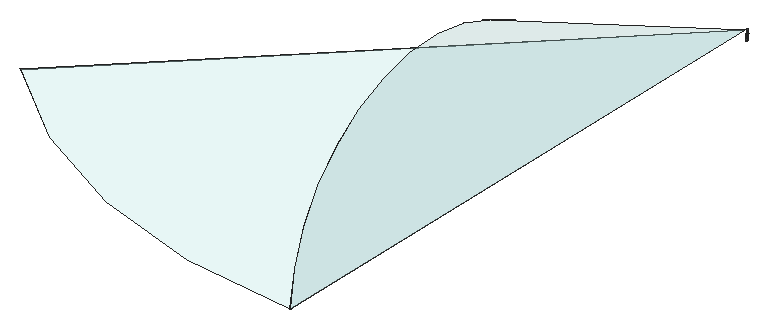
Revit family "Rotor 5000 Series - 5000+SPCSAMNP", category Acessórios do tubo, Revit 2020
Family settings
  Cota do conector redondo = Utilizar diâmetro
  Tipo de parte = Normal
  Número OmniClass = 23.60.30.11.14
  Título OmniClass = Pipework Fittings
  Com base no plano de trabalho = Não
  Sempre na vertical = Sim
  Corte com vazios quando carregada = Não
  Compartilhado = Não
Parameters (values of type "Rain Curtain 6.0")
  Water = Water
  URL = "https://www.rainbird.com/"
  TABLE 65 = "TABLE 65psi"
  TABLE 55 75 = "TABLE 55 75psi"
  TABLE 55 = "TABLE 55psi"
  TABLE 45 = "TABLE 45psi"
  TABLE 35 = "TABLE 35psi"
  TABLE 25 = "TABLE 25psi"
  SupportProjetos: Reviw Date = ""  # constant formula
  SupportProjetos: Reviw = "R00"  # constant formula
  SupportProjetos: Level of Detail = "LOD 300"  # constant formula
  SupportProjetos: Developed = "MICHEL SOARES MOTA"  # constant formula
  SupportProjetos: Creation Date = "07/08/2020"  # constant formula
  Side inlet = no
  Rotation Water Visibility [instance] = Pop up on  # yes
  Rotation Angle [instance] = 45.00°
  RainBird: Product Link = "https://www.rainbird.com/"
  RainBird: Description = "5000+SPCSAMNP Rotor "  # constant formula
  RainBird: Comment [instance] = ""
  RainBird: Code = "Y45570NP"  # constant formula
  Radius [instance] = if(and(Pressure = 25.0 psi, Instance < 25 ft), size_lookup(TABLE 25, "Radius", 0 ft, Instance), if(and(Pressure = 35.0 psi, Instance < 25 ft), size_lookup(TABLE 35, "Radius", 0 ft, Instance), if(and(Pressure = 45.0 psi, Instance < 25 ft), size_lookup(TABLE 45, "Radius", 0 ft, Instance), if(and(Pressure = 55.0 psi, Instance < 13 ft), size_lookup(TABLE 55, "Radius", 0 ft, Instance), if(and(Pressure = 65.0 psi, Instance < 13 ft), size_lookup(TABLE 65, "Radius", 0 ft, Instance), if(and(Pressure > 55.0 psi, Instance > 13 ft), size_lookup(TABLE 55 75, "Radius", 0 ft, Instance), 0 ft))))))  # 50 ft
  RT = 0.009893 ft
  RN = 0.032808 ft
  R5 = 0.03937 ft
  R4 = 0.04101 ft
  R3 = 0.065617 ft
  R2 = 0.075407 ft
  R1 = 0.032808 ft
  Pressure [instance] = 55.0 psi
  Pop up height = 0.334646 ft
  Pop up on [instance] = yes
  Modelo = "5000+SPCSAMNP"  # constant formula
  Instance = 7 ft
  H1 = Body height / 3  # 0.194663 ft
  Flow [instance] = if(and(Pressure = 25.0 psi, Instance < 25 ft), size_lookup(TABLE 25, "Flow", 0.0 GPM, Instance), if(and(Pressure = 35.0 psi, Instance < 25 ft), size_lookup(TABLE 35, "Flow", 0.0 GPM, Instance), if(and(Pressure = 45.0 psi, Instance < 25 ft), size_lookup(TABLE 45, "Flow", 0.0 GPM, Instance), if(and(Pressure = 55.0 psi, Instance < 13 ft), size_lookup(TABLE 55, "Flow", 0.0 GPM, Instance), if(and(Pressure = 65.0 psi, Instance < 13 ft), size_lookup(TABLE 65, "Flow", 0.0 GPM, Instance), if(and(Pressure > 55.0 psi, Instance > 13 ft), size_lookup(TABLE 55 75, "Flow", 0.0 GPM, Instance), 0.0 GPM))))))  # 6.63 GPM
  Fabricante = "Rain Bird"
  Elevação padrão = 0 ft
  Description = RainBird: Description  # "5000+SPCSAMNP Rotor "
  DD13 = 0.002625 ft
  DD12 = 0.003937 ft
  DD11 = 0.009897 ft
  DD10 = 0.016404 ft
  DD8 [instance] = if(Pop up on, Pop up height, 0 ft)  # 0.334646 ft
  DD7 = 0.019685 ft
  DD6 [instance] = 0.016404 ft
  DD5 = 0.065617 ft
  DD4 = 0.032808 ft
  DD3 = 0.091048 ft
  DD2 [instance] = 0.024514 ft
  DD9 [instance] = if(Pop up on, Pop up height + 0.049541 ft, 0 ft)  # 0.384186 ft
  DD1 = 0.006562 ft
  Conection = 0.062664 ft  # constant formula
  Body height = 0.58399 ft
  Blue = Blue Plastic
  Black Plastic = Black Plastic
  Angle = 25.00°
Types (25, lengths in ft): name | Rotation Angle | Radius | Pressure | Instance | Flow
  (no name) | 45.00° | 50 | 55.0 psi | 7 | 6.63 GPM
  Rain Curtain 1.5 | 180.00° | 33 | 25.0 psi | 1 | 1.12 GPM
  Rain Curtain 2.0 | 180.00° | 35 | 25.0 psi | 2 | 1.5 GPM
  Rain Curtain 3.0 | 180.00° | 36 | 25.0 psi | 4 | 2.26 GPM
  Rain Curtain 4.0 | 180.00° | 36 | 25.0 psi | 5 | 2.91 GPM
  Rain Curtain 5.0 | 180.00° | 37 | 25.0 psi | 6 | 3.72 GPM
  Rain Curtain 6.0 | 45.00° | 50 | 55.0 psi | 7 | 6.63 GPM
  Rain Curtain 8.0 | 180.00° | 33 | 25.0 psi | 8 | 5.9 GPM
  Rain Curtain 2.5 | 180.00° | 35 | 25.0 psi | 3 | 1.81 GPM
  1.0 LA | 180.00° | 25 | 25.0 psi | 9 | 0.76 GPM
  1.5 LA | 180.00° | 27 | 25.0 psi | 10 | 1.15 GPM
  2.0 LA | 180.00° | 29 | 25.0 psi | 11 | 1.47 GPM
  3.0 LA | 180.00° | 29 | 25.0 psi | 12 | 2.23 GPM
  PRS Rain Curtain 1.5 | 180.00° | 33 | 25.0 psi | 13 | 1.12 GPM
  PRS Rain Curtain 2.0 | 180.00° | 35 | 25.0 psi | 14 | 1.5 GPM
  PRS Rain Curtain 2.5 | 180.00° | 35 | 25.0 psi | 15 | 1.81 GPM
  PRS Rain Curtain 3.0 | 180.00° | 36 | 25.0 psi | 16 | 2.26 GPM
  PRS Rain Curtain 4.0 | 180.00° | 36 | 25.0 psi | 17 | 2.91 GPM
  PRS Rain Curtain 5.0 | 180.00° | 37 | 25.0 psi | 18 | 3.72 GPM
  PRS Rain Curtain 6.0 | 180.00° | 37 | 25.0 psi | 19 | 4.25 GPM
  PRS Rain Curtain 8.0 | 180.00° | 33 | 25.0 psi | 20 | 5.9 GPM
  PRS 1.0 LA | 180.00° | 25 | 25.0 psi | 21 | 0.76 GPM
  PRS 1.5 LA | 180.00° | 27 | 25.0 psi | 22 | 1.15 GPM
  PRS 2.0 LA | 180.00° | 29 | 25.0 psi | 23 | 1.47 GPM
  PRS 3.0 LA | 180.00° | 29 | 25.0 psi | 24 | 2.23 GPM
Reference planes (ft)
  plane 1 "Centro (Frente/Trás)": y = 0
  plane 2: z = 0
  plane 3 "Centro (Esquerda/Direita)": x = 0
  plane 4: z = 0.003937
  plane 5: z = 0.002625
  plane 6: y = -0.065617
Forms (ft)
  Revolve 1, solid, material "Black Plastic" <- "Black Plastic"
    sketch origin (0, 0, 0) x (1, 0, 0) y (0, 0, 1)
      loop
        line (0.075407, -0.091048) -> (0.075407, -0.035324)
        arc (0.075407, -0.035324) -> (0.072509, -0.028329) -> (0.065514, -0.025431) r 0.009893
        line (0.065514, -0.025431) -> (0.046098, -0.025431) -> (0.046098, 0) -> (0.03937, 0) -> (0.03937, -0.334646) -> (0.019685, -0.334646) -> (0.019685, -0.577428) -> (0.032808, -0.577428) -> (0.032808, -0.58399) -> (0.04101, -0.58399) -> (0.04101, -0.577428) -> (0.055724, -0.577428)
        arc (0.055724, -0.577428) -> (0.062719, -0.57453) -> (0.065617, -0.567535) r 0.009893
        line (0.065617, -0.567535) -> (0.065617, -0.091048) -> (0.075407, -0.091048)
      axis (0, -0.58399) -> (0, 0)
    angle from 0 to 360
  Extrusion 2, solid, material "Black Plastic" <- "Black Plastic"
    sketch origin (0, 0, 0) x (1, 0, 0) y (0, 1, 0)
      loop
        circle (0, 0) r 0.032808
    from -0.334646 to 0.334646
  Extrusion 3, void
    sketch origin (0, 0, 0) x (1, 0, 0) y (0, 1, 0)
      loop
        circle (0, 0) r 0.022844
    from -0.334646 to 0.334646
  Revolve 4, solid, material "Black Plastic" <- "Black Plastic"
    sketch origin (0, 0, 0) x (1, 0, 0) y (0, 0, 1)
      loop
        line (0, 0.334646) -> (0.037004, 0.334646) -> (0.037004, 0.344543)
        arc (0.037004, 0.344543) -> (0.01879, 0.349436) -> (0, 0.35105) r 0.10685
        line (0, 0.35105) -> (0, 0.334646)
      axis (0, 0.334646) -> (0, 0.35105)
    angle from 0 to 360
  Extrusion 5, solid, material "Blue Plastic" <- "Blue"
    sketch origin (0, 0, 0) x (1, 0, 0) y (0, 0, 1)
      loop
        circle (0, 0.310131) r 0.009129
      loop
        circle (0, 0.310131) r 0.004793
    from 0 to 0.034386
  Extrusion 6, void
    sketch origin (0, 0, 0) x (1, 0, 0) y (0, 0, 1)
      loop
        line (-0.02074, 0.328055) -> (-0.02074, 0.282426) -> (0.020672, 0.282426) -> (0.020672, 0.328055) -> (-0.02074, 0.328055)
      loop
        line (-0.018439, 0.325179) -> (-0.018439, 0.285685) -> (0.018179, 0.285685) -> (0.018179, 0.325179) -> (-0.018439, 0.325179)
    from 0.024556 to 0.06931
  Extrusion 7, solid, material "Black Plastic" <- "Black Plastic"
    sketch origin (0, 0, 0) x (1, 0, 0) y (0, 0, 1)
      loop
        line (0.046098, 0) -> (0.046098, -0.036876) -> (0.073493, -0.036876) -> (0.046098, 0)
    from -0.002998 to 0.002998
  Extrusion 8, solid, material "Black Plastic" <- "Black Plastic"
    sketch origin (0, 0, 0) x (-1, 0, 0) y (0, 0, -1)
      loop
        line (0.046098, 0) -> (0.073493, 0.036876) -> (0.046098, 0.036876) -> (0.046098, 0)
    from -0.002998 to 0.002998
  Extrusion 9, solid, material "Black Plastic" <- "Black Plastic"
    sketch origin (0, 0, 0) x (0.866025, 0.5, 0) y (0, 0, 1)
      loop
        line (0.046098, 0) -> (0.046098, -0.036876) -> (0.073493, -0.036876) -> (0.046098, 0)
    from -0.002998 to 0.002998
  Extrusion 10, solid, material "Black Plastic" <- "Black Plastic"
    sketch origin (0, 0, 0) x (-0.866025, -0.5, 0) y (0, 0, -1)
      loop
        line (0.046098, 0) -> (0.073493, 0.036876) -> (0.046098, 0.036876) -> (0.046098, 0)
    from -0.002998 to 0.002998
  Extrusion 11, solid, material "Black Plastic" <- "Black Plastic"
    sketch origin (0, 0, 0) x (0, 1, 0) y (0, 0, 1)
      loop
        line (0.046098, 0) -> (0.046098, -0.036876) -> (0.073493, -0.036876) -> (0.046098, 0)
    from -0.002998 to 0.002998
  Extrusion 12, solid, material "Black Plastic" <- "Black Plastic"
    sketch origin (0, 0, 0) x (0, -1, 0) y (0, 0, -1)
      loop
        line (0.046098, 0) -> (0.073493, 0.036876) -> (0.046098, 0.036876) -> (0.046098, 0)
    from -0.002998 to 0.002998
  Extrusion 13, solid, material "Black Plastic" <- "Black Plastic"
    sketch origin (0, 0, 0) x (0.5, 0.866025, 0) y (0, 0, 1)
      loop
        line (0.046098, 0) -> (0.046098, -0.036876) -> (0.073493, -0.036876) -> (0.046098, 0)
    from -0.002998 to 0.002998
  Extrusion 14, solid, material "Black Plastic" <- "Black Plastic"
    sketch origin (0, 0, 0) x (-0.5, -0.866025, 0) y (0, 0, -1)
      loop
        line (0.046098, 0) -> (0.073493, 0.036876) -> (0.046098, 0.036876) -> (0.046098, 0)
    from -0.002998 to 0.002998
  Extrusion 15, solid, material "Black Plastic" <- "Black Plastic"
    sketch origin (0, 0, 0) x (-0.5, 0.866025, 0) y (0, 0, 1)
      loop
        line (0.046098, 0) -> (0.046098, -0.036876) -> (0.073493, -0.036876) -> (0.046098, 0)
    from -0.002998 to 0.002998
  Extrusion 16, solid, material "Black Plastic" <- "Black Plastic"
    sketch origin (0, 0, 0) x (0.5, -0.866025, 0) y (0, 0, -1)
      loop
        line (0.046098, 0) -> (0.073493, 0.036876) -> (0.046098, 0.036876) -> (0.046098, 0)
    from -0.002998 to 0.002998
  Extrusion 17, solid, material "Black Plastic" <- "Black Plastic"
    sketch origin (0, 0, 0) x (-0.866025, 0.5, 0) y (0, 0, 1)
      loop
        line (0.046098, 0) -> (0.046098, -0.036876) -> (0.073493, -0.036876) -> (0.046098, 0)
    from -0.002998 to 0.002998
  Extrusion 18, solid, material "Black Plastic" <- "Black Plastic"
    sketch origin (0, 0, 0) x (0.866025, -0.5, 0) y (0, 0, -1)
      loop
        line (0.046098, 0) -> (0.073493, 0.036876) -> (0.046098, 0.036876) -> (0.046098, 0)
    from -0.002998 to 0.002998
  Extrusion 19, void
    sketch origin (0, 0, 0) x (1, 0, 0) y (0, 1, 0)
      loop
        line (-0.002998, 0.077702) -> (-0.002998, 0.071655) -> (0.002998, 0.071655) -> (0.002998, 0.077702) -> (-0.002998, 0.077702)
    from -0.091048 to 0.82021
  Extrusion 20, void
    sketch origin (0, 0, 0) x (1, 0, 0) y (0, 1, 0)
      loop
        line (0.002998, -0.077702) -> (0.002998, -0.071655) -> (-0.002998, -0.071655) -> (-0.002998, -0.077702) -> (0.002998, -0.077702)
    from -0.091048 to 0.82021
  Extrusion 21, void
    sketch origin (0, 0, 0) x (0.965926, 0.258819, 0) y (-0.258819, 0.965926, 0)
      loop
        line (-0.002998, 0.077702) -> (-0.002998, 0.071655) -> (0.002998, 0.071655) -> (0.002998, 0.077702) -> (-0.002998, 0.077702)
    from -0.091048 to 0.82021
  Extrusion 22, void
    sketch origin (0, 0, 0) x (0.965926, 0.258819, 0) y (-0.258819, 0.965926, 0)
      loop
        line (0.002998, -0.077702) -> (0.002998, -0.071655) -> (-0.002998, -0.071655) -> (-0.002998, -0.077702) -> (0.002998, -0.077702)
    from -0.091048 to 0.82021
  Extrusion 23, void
    sketch origin (0, 0, 0) x (0.866025, 0.5, 0) y (-0.5, 0.866025, 0)
      loop
        line (-0.002998, 0.077702) -> (-0.002998, 0.071655) -> (0.002998, 0.071655) -> (0.002998, 0.077702) -> (-0.002998, 0.077702)
    from -0.091048 to 0.82021
  Extrusion 24, void
    sketch origin (0, 0, 0) x (0.866025, 0.5, 0) y (-0.5, 0.866025, 0)
      loop
        line (0.002998, -0.077702) -> (0.002998, -0.071655) -> (-0.002998, -0.071655) -> (-0.002998, -0.077702) -> (0.002998, -0.077702)
    from -0.091048 to 0.82021
  Extrusion 25, void
    sketch origin (0, 0, 0) x (0.5, 0.866025, 0) y (-0.866025, 0.5, 0)
      loop
        line (-0.002998, 0.077702) -> (-0.002998, 0.071655) -> (0.002998, 0.071655) -> (0.002998, 0.077702) -> (-0.002998, 0.077702)
    from -0.091048 to 0.82021
  Extrusion 26, void
    sketch origin (0, 0, 0) x (0.5, 0.866025, 0) y (-0.866025, 0.5, 0)
      loop
        line (0.002998, -0.077702) -> (0.002998, -0.071655) -> (-0.002998, -0.071655) -> (-0.002998, -0.077702) -> (0.002998, -0.077702)
    from -0.091048 to 0.82021
  Extrusion 27, void
    sketch origin (0, 0, 0) x (0.707107, 0.707107, 0) y (-0.707107, 0.707107, 0)
      loop
        line (-0.002998, 0.077702) -> (-0.002998, 0.071655) -> (0.002998, 0.071655) -> (0.002998, 0.077702) -> (-0.002998, 0.077702)
    from -0.091048 to 0.82021
  Extrusion 28, void
    sketch origin (0, 0, 0) x (0.707107, 0.707107, 0) y (-0.707107, 0.707107, 0)
      loop
        line (0.002998, -0.077702) -> (0.002998, -0.071655) -> (-0.002998, -0.071655) -> (-0.002998, -0.077702) -> (0.002998, -0.077702)
    from -0.091048 to 0.82021
  Extrusion 29, void
    sketch origin (0, 0, 0) x (0.258819, 0.965926, 0) y (-0.965926, 0.258819, 0)
      loop
        line (-0.002998, 0.077702) -> (-0.002998, 0.071655) -> (0.002998, 0.071655) -> (0.002998, 0.077702) -> (-0.002998, 0.077702)
    from -0.091048 to 0.82021
  Extrusion 30, void
    sketch origin (0, 0, 0) x (0.258819, 0.965926, 0) y (-0.965926, 0.258819, 0)
      loop
        line (0.002998, -0.077702) -> (0.002998, -0.071655) -> (-0.002998, -0.071655) -> (-0.002998, -0.077702) -> (0.002998, -0.077702)
    from -0.091048 to 0.82021
  Extrusion 31, void
    sketch origin (0, 0, 0) x (0, 1, 0) y (-1, 0, 0)
      loop
        line (-0.002998, 0.077702) -> (-0.002998, 0.071655) -> (0.002998, 0.071655) -> (0.002998, 0.077702) -> (-0.002998, 0.077702)
    from -0.091048 to 0.82021
  Extrusion 32, void
    sketch origin (0, 0, 0) x (0, 1, 0) y (-1, 0, 0)
      loop
        line (0.002998, -0.077702) -> (0.002998, -0.071655) -> (-0.002998, -0.071655) -> (-0.002998, -0.077702) -> (0.002998, -0.077702)
    from -0.091048 to 0.82021
  Extrusion 33, void
    sketch origin (0, 0, 0) x (-0.258819, 0.965926, 0) y (-0.965926, -0.258819, 0)
      loop
        line (-0.002998, 0.077702) -> (-0.002998, 0.071655) -> (0.002998, 0.071655) -> (0.002998, 0.077702) -> (-0.002998, 0.077702)
    from -0.091048 to 0.82021
  Extrusion 34, void
    sketch origin (0, 0, 0) x (-0.258819, 0.965926, 0) y (-0.965926, -0.258819, 0)
      loop
        line (0.002998, -0.077702) -> (0.002998, -0.071655) -> (-0.002998, -0.071655) -> (-0.002998, -0.077702) -> (0.002998, -0.077702)
    from -0.091048 to 0.82021
  Extrusion 35, void
    sketch origin (0, 0, 0) x (-0.5, 0.866025, 0) y (-0.866025, -0.5, 0)
      loop
        line (-0.002998, 0.077702) -> (-0.002998, 0.071655) -> (0.002998, 0.071655) -> (0.002998, 0.077702) -> (-0.002998, 0.077702)
    from -0.091048 to 0.82021
  Extrusion 36, void
    sketch origin (0, 0, 0) x (-0.5, 0.866025, 0) y (-0.866025, -0.5, 0)
      loop
        line (0.002998, -0.077702) -> (0.002998, -0.071655) -> (-0.002998, -0.071655) -> (-0.002998, -0.077702) -> (0.002998, -0.077702)
    from -0.091048 to 0.82021
  Extrusion 37, void
    sketch origin (0, 0, 0) x (-0.707107, 0.707107, 0) y (-0.707107, -0.707107, 0)
      loop
        line (-0.002998, 0.077702) -> (-0.002998, 0.071655) -> (0.002998, 0.071655) -> (0.002998, 0.077702) -> (-0.002998, 0.077702)
    from -0.091048 to 0.82021
  Extrusion 38, void
    sketch origin (0, 0, 0) x (-0.707107, 0.707107, 0) y (-0.707107, -0.707107, 0)
      loop
        line (0.002998, -0.077702) -> (0.002998, -0.071655) -> (-0.002998, -0.071655) -> (-0.002998, -0.077702) -> (0.002998, -0.077702)
    from -0.091048 to 0.82021
  Extrusion 39, void
    sketch origin (0, 0, 0) x (-0.866025, 0.5, 0) y (-0.5, -0.866025, 0)
      loop
        line (-0.002998, 0.077702) -> (-0.002998, 0.071655) -> (0.002998, 0.071655) -> (0.002998, 0.077702) -> (-0.002998, 0.077702)
    from -0.091048 to 0.82021
  Extrusion 40, void
    sketch origin (0, 0, 0) x (-0.866025, 0.5, 0) y (-0.5, -0.866025, 0)
      loop
        line (0.002998, -0.077702) -> (0.002998, -0.071655) -> (-0.002998, -0.071655) -> (-0.002998, -0.077702) -> (0.002998, -0.077702)
    from -0.091048 to 0.82021
  Extrusion 41, void
    sketch origin (0, 0, 0) x (-0.965926, 0.258819, 0) y (-0.258819, -0.965926, 0)
      loop
        line (-0.002998, 0.077702) -> (-0.002998, 0.071655) -> (0.002998, 0.071655) -> (0.002998, 0.077702) -> (-0.002998, 0.077702)
    from -0.091048 to 0.82021
  Extrusion 42, void
    sketch origin (0, 0, 0) x (-0.965926, 0.258819, 0) y (-0.258819, -0.965926, 0)
      loop
        line (0.002998, -0.077702) -> (0.002998, -0.071655) -> (-0.002998, -0.071655) -> (-0.002998, -0.077702) -> (0.002998, -0.077702)
    from -0.091048 to 0.82021
  Extrusion 43, solid, material "Water" <- "Water", visible <- "Rotation Water Visibility"
    sketch origin (0, 0, 0) x (0, 1, 0) y (0, 0, 1)
      loop
        line (-0.032808, 0.310131) -> (-28.112196, 13.403765)
        arc (-28.112196, 13.403765) -> (-42.542576, 12.666347) -> (-50.032808, 0.310131) r 15.426605
        line (-50.032808, 0.310131) -> (-0.032808, 0.310131)
    from -0.008202 to 0.008202
Cuts and joins
  Extrusion 3, Extrusion 6 cuts Extrusion 2
  Extrusion 19, Extrusion 20, Extrusion 21, Extrusion 22, Extrusion 23, Extrusion 24, Extrusion 25, Extrusion 26, Extrusion 27, Extrusion 28, Extrusion 29, Extrusion 30, Extrusion 31, Extrusion 32, Extrusion 33, Extrusion 34, Extrusion 35, Extrusion 36, Extrusion 37, Extrusion 38, Extrusion 39, Extrusion 40, Extrusion 41, Extrusion 42 cuts Revolve 1
Dimensions and locks (ft)
  "Body height": level to Revolve 1 sketch curve
  "R2": Revolve 1 sketch curve to plane 3 "Centro (Esquerda/Direita)"
  "DD1": Revolve 1 sketch curve to Revolve 1 sketch curve
  "DD3": level to Revolve 1 sketch curve
  Revolve 1 sketch curve to plane 3 "Centro (Esquerda/Direita)" = 0.065617 ft
  "R4": Revolve 1 sketch curve to plane 3 "Centro (Esquerda/Direita)"
  "RN": Revolve 1 sketch curve to plane 3 "Centro (Esquerda/Direita)"
  "Pop up height": level to Revolve 1 sketch curve
  "R5": plane 3 "Centro (Esquerda/Direita)" to Revolve 1 sketch curve
  "DD7": Revolve 1 sketch curve to plane 3 "Centro (Esquerda/Direita)"
  "DD8": Extrusion 2 to level
  "DD12": plane 4 to level
  "DD13": plane 5 to level
  "R3": plane 6 to plane 1 "Centro (Frente/Trás)"
  "DD5": Revolve 1 sketch curve to Revolve 1 sketch curve
  "DD10": Revolve 4 sketch curve to Revolve 4 sketch curve
  "DD11": Revolve 4 sketch curve to Revolve 4 sketch curve
  "DD2": Revolve 4 to Extrusion 5 sketch curve  (x2)
  Extrusion 7 to plane 3 "Centro (Esquerda/Direita)" = 0.046098 ft
  equal spacing: Extrusion 7, plane 1 "Centro (Frente/Trás)", Extrusion 7
  Extrusion 8 to Extrusion 8 = 0.005995 ft
  Extrusion 9 to Extrusion 9 = 0.005995 ft
  Extrusion 20 sketch curve to Extrusion 20 sketch curve = 0.005995 ft
  Extrusion 22 sketch curve to Extrusion 22 sketch curve = 0.005995 ft
  Extrusion 24 sketch curve to Extrusion 24 sketch curve = 0.005995 ft
  Extrusion 26 sketch curve to Extrusion 26 sketch curve = 0.005995 ft
  Extrusion 28 sketch curve to Extrusion 28 sketch curve = 0.005995 ft
  Extrusion 30 sketch curve to Extrusion 30 sketch curve = 0.005995 ft
  Extrusion 32 sketch curve to Extrusion 32 sketch curve = 0.005995 ft
  Extrusion 34 sketch curve to Extrusion 34 sketch curve = 0.005995 ft
  Extrusion 36 sketch curve to Extrusion 36 sketch curve = 0.005995 ft
  Extrusion 38 sketch curve to Extrusion 38 sketch curve = 0.005995 ft
  Extrusion 40 sketch curve to Extrusion 40 sketch curve = 0.005995 ft
  Extrusion 42 sketch curve to Extrusion 42 sketch curve = 0.005995 ft
  "DD4": plane 1 "Centro (Frente/Trás)" to Extrusion 43 sketch curve
  "DD2": Revolve 4 to Extrusion 43 sketch curve
  "Radius": Extrusion 43 sketch curve to Extrusion 43 sketch curve
  equal spacing: Extrusion 43, plane 3 "Centro (Esquerda/Direita)", Extrusion 43
  "DD6": Extrusion 43 to Extrusion 43
  "DD2": Revolve 4 to nested 1
  "RT": radius of Revolve 1 sketch curve  (x2)
  "R1": radius of Extrusion 2 sketch curve
  "Angle": angle Extrusion 43 sketch curve to Extrusion 43 sketch curve
  aligned and locked: level to plane 2
  aligned and locked: Revolve 1 sketch curve to Revolve 1 sketch curve
  aligned and locked: Extrusion 2 to Revolve 1
  aligned and locked: cut or joined group of Extrusion 2, Extrusion 3, Extrusion 6 to cut or joined group of Extrusion 2, Extrusion 3, Extrusion 6  (x2)
  aligned and locked: Revolve 4 sketch curve to cut or joined group of Extrusion 2, Extrusion 3, Extrusion 6
  aligned and locked: Extrusion 20 to Revolve 1
  aligned and locked: Extrusion 22 to Revolve 1
  aligned and locked: Extrusion 24 to Revolve 1
  aligned and locked: Extrusion 28 to Revolve 1
  aligned and locked: Extrusion 26 to Revolve 1
  aligned and locked: Extrusion 30 to Revolve 1
  aligned and locked: Extrusion 32 to Revolve 1
  aligned and locked: Extrusion 34 to Revolve 1
  aligned and locked: Revolve 1 to Extrusion 36
  aligned and locked: Revolve 1 to Extrusion 38
  aligned and locked: Extrusion 41 to Revolve 1
  aligned and locked: Extrusion 39 to Revolve 1
  aligned and locked: Extrusion 37 to Revolve 1
  aligned and locked: Extrusion 35 to Revolve 1
  aligned and locked: Extrusion 33 to Revolve 1
  aligned and locked: Extrusion 31 to Revolve 1
  aligned and locked: Extrusion 29 to Revolve 1
  aligned and locked: Revolve 1 to Extrusion 25
  aligned and locked: Revolve 1 to Extrusion 27
  aligned and locked: Revolve 1 to Extrusion 19
  aligned and locked: Revolve 1 to Extrusion 21
  aligned and locked: Revolve 1 to Extrusion 42
  aligned and locked: Revolve 1 to Extrusion 40
  aligned and locked: Revolve 1 to Extrusion 23
Automatic sketch dimensions
  plane 1 "Centro (Frente/Trás)" to Extrusion 2 sketch curve = 0 ft
  Extrusion 2 sketch curve to plane 3 "Centro (Esquerda/Direita)" = 0 ft
  plane 1 "Centro (Frente/Trás)" to Extrusion 3 sketch curve = 0 ft
  Extrusion 3 sketch curve to plane 3 "Centro (Esquerda/Direita)" = 0 ft
  Revolve 4 sketch curve to plane 3 "Centro (Esquerda/Direita)" = 0 ft  (x2)
  plane 3 "Centro (Esquerda/Direita)" to Revolve 4 sketch curve = 0.000284 ft
  plane 3 "Centro (Esquerda/Direita)" to Revolve 4 sketch curve = 0.037004 ft
  Revolve 4 sketch curve to Revolve 4 sketch curve = 0.015719 ft
  Revolve 4 sketch curve to Revolve 4 sketch curve = 0.114829 ft
  Extrusion 5 sketch curve to Extrusion 5 sketch curve = 0 ft
  Extrusion 5 sketch curve to plane 3 "Centro (Esquerda/Direita)" = 0 ft
  Extrusion 6 sketch curve to plane 3 "Centro (Esquerda/Direita)" = 0.02074 ft
  Extrusion 6 sketch curve to Extrusion 6 sketch curve = 0.002301 ft
  plane 3 "Centro (Esquerda/Direita)" to Extrusion 6 sketch curve = 0.018179 ft
  Extrusion 6 sketch curve to Extrusion 6 sketch curve = 0.002492 ft
  plane 4 to Extrusion 6 sketch curve = 0.278489 ft
  Extrusion 6 sketch curve to Extrusion 6 sketch curve = 0.003259 ft
  Extrusion 6 sketch curve to Extrusion 6 sketch curve = 0.039494 ft
  Extrusion 6 sketch curve to Extrusion 6 sketch curve = 0.002876 ft
  Extrusion 7 sketch curve to level = 0 ft
  plane 3 "Centro (Esquerda/Direita)" to Extrusion 7 sketch curve = 0.046098 ft
  Extrusion 7 sketch curve to Extrusion 7 sketch curve = 0.027396 ft
  Extrusion 7 sketch curve to Extrusion 7 sketch curve = 0.036876 ft
  Extrusion 8 sketch curve to level = 0 ft
  plane 3 "Centro (Esquerda/Direita)" to Extrusion 8 sketch curve = 0.046098 ft
  Extrusion 8 sketch curve to Extrusion 8 sketch curve = 0.027396 ft
  Extrusion 8 sketch curve to Extrusion 8 sketch curve = 0.036876 ft
  Extrusion 9 sketch curve to level = 0 ft
  Extrusion 9 sketch curve to level = 0.036876 ft
  Extrusion 9 sketch curve to Extrusion 9 sketch curve = 0.027396 ft
  Extrusion 10 sketch curve to level = 0 ft
  Extrusion 10 sketch curve to level = 0.036876 ft
  Extrusion 10 sketch curve to Extrusion 10 sketch curve = 0.027396 ft
  Extrusion 11 sketch curve to level = 0 ft
  Extrusion 11 sketch curve to plane 1 "Centro (Frente/Trás)" = 0.046098 ft
  Extrusion 11 sketch curve to Extrusion 11 sketch curve = 0.027396 ft
  Extrusion 11 sketch curve to Extrusion 11 sketch curve = 0.036876 ft
  Extrusion 12 sketch curve to level = 0 ft
  plane 6 to Extrusion 12 sketch curve = 0.019519 ft
  Extrusion 12 sketch curve to plane 6 = 0.007877 ft
  Extrusion 12 sketch curve to level = 0.036876 ft
  Extrusion 13 sketch curve to level = 0 ft
  Extrusion 13 sketch curve to level = 0.036876 ft
  Extrusion 13 sketch curve to Extrusion 13 sketch curve = 0.027396 ft
  Extrusion 14 sketch curve to level = 0 ft
  Extrusion 14 sketch curve to level = 0.036876 ft
  Extrusion 14 sketch curve to Extrusion 14 sketch curve = 0.027396 ft
  level to Extrusion 15 sketch curve = 0 ft
  Extrusion 15 sketch curve to level = 0.036876 ft
  Extrusion 15 sketch curve to Extrusion 15 sketch curve = 0.027396 ft
  level to Extrusion 16 sketch curve = 0 ft
  Extrusion 16 sketch curve to level = 0.036876 ft
  Extrusion 16 sketch curve to Extrusion 16 sketch curve = 0.027396 ft
  level to Extrusion 17 sketch curve = 0 ft
  Extrusion 17 sketch curve to level = 0.036876 ft
  Extrusion 17 sketch curve to Extrusion 17 sketch curve = 0.027396 ft
  level to Extrusion 18 sketch curve = 0 ft
  Extrusion 18 sketch curve to level = 0.036876 ft
  Extrusion 18 sketch curve to Extrusion 18 sketch curve = 0.027396 ft
  Extrusion 19 sketch curve to plane 3 "Centro (Esquerda/Direita)" = 0.002998 ft
  Extrusion 19 sketch curve to plane 1 "Centro (Frente/Trás)" = 0.071655 ft
  Extrusion 19 sketch curve to Extrusion 19 sketch curve = 0.006047 ft
  plane 3 "Centro (Esquerda/Direita)" to Extrusion 20 sketch curve = 0.002998 ft
  plane 6 to Extrusion 20 sketch curve = 0.006038 ft
  Extrusion 20 sketch curve to Extrusion 20 sketch curve = 0.006047 ft
  plane 3 "Centro (Esquerda/Direita)" to Extrusion 19 sketch curve = 0.002998 ft
  Extrusion 21 sketch curve to plane 3 "Centro (Esquerda/Direita)" = 0.021441 ft
  Extrusion 21 sketch curve to plane 1 "Centro (Frente/Trás)" = 0.068438 ft
  Extrusion 21 sketch curve to Extrusion 21 sketch curve = 0.005995 ft
  Extrusion 21 sketch curve to Extrusion 21 sketch curve = 0.006047 ft
  Extrusion 22 sketch curve to plane 6 = 0.010213 ft
  plane 3 "Centro (Esquerda/Direita)" to Extrusion 22 sketch curve = 0.017215 ft
  Extrusion 22 sketch curve to Extrusion 22 sketch curve = 0.006047 ft
  Extrusion 23 sketch curve to plane 3 "Centro (Esquerda/Direita)" = 0.038424 ft
  Extrusion 23 sketch curve to plane 1 "Centro (Frente/Trás)" = 0.060556 ft
  Extrusion 23 sketch curve to Extrusion 23 sketch curve = 0.005995 ft
  Extrusion 23 sketch curve to Extrusion 23 sketch curve = 0.006047 ft
  Extrusion 24 sketch curve to plane 6 = 0.003174 ft
  plane 3 "Centro (Esquerda/Direita)" to Extrusion 24 sketch curve = 0.036255 ft
  Extrusion 24 sketch curve to Extrusion 24 sketch curve = 0.006047 ft
  Extrusion 25 sketch curve to plane 1 "Centro (Frente/Trás)" = 0.033231 ft
  Extrusion 25 sketch curve to plane 3 "Centro (Esquerda/Direita)" = 0.063554 ft
  Extrusion 25 sketch curve to Extrusion 25 sketch curve = 0.005995 ft
  Extrusion 25 sketch curve to Extrusion 25 sketch curve = 0.006047 ft
  Extrusion 26 sketch curve to plane 6 = 0.02417 ft
  Extrusion 26 sketch curve to plane 3 "Centro (Esquerda/Direita)" = 0.065793 ft
  Extrusion 26 sketch curve to Extrusion 26 sketch curve = 0.006047 ft
  Extrusion 27 sketch curve to plane 1 "Centro (Frente/Trás)" = 0.048548 ft
  Extrusion 27 sketch curve to plane 3 "Centro (Esquerda/Direita)" = 0.052787 ft
  Extrusion 27 sketch curve to Extrusion 27 sketch curve = 0.005995 ft
  Extrusion 27 sketch curve to Extrusion 27 sketch curve = 0.006047 ft
  plane 6 to Extrusion 28 sketch curve = 0.008554 ft
  plane 3 "Centro (Esquerda/Direita)" to Extrusion 28 sketch curve = 0.052824 ft
  Extrusion 28 sketch curve to Extrusion 28 sketch curve = 0.006047 ft
  Extrusion 29 sketch curve to plane 1 "Centro (Frente/Trás)" = 0.01565 ft
  Extrusion 29 sketch curve to plane 3 "Centro (Esquerda/Direita)" = 0.069989 ft
  Extrusion 29 sketch curve to Extrusion 29 sketch curve = 0.005995 ft
  Extrusion 29 sketch curve to Extrusion 29 sketch curve = 0.006047 ft
  plane 1 "Centro (Frente/Trás)" to Extrusion 30 sketch curve = 0.023006 ft
  plane 3 "Centro (Esquerda/Direita)" to Extrusion 30 sketch curve = 0.074278 ft
  Extrusion 30 sketch curve to Extrusion 30 sketch curve = 0.006047 ft
  plane 1 "Centro (Frente/Trás)" to Extrusion 31 sketch curve = 0.002998 ft
  Extrusion 31 sketch curve to plane 1 "Centro (Frente/Trás)" = 0.002998 ft
  Extrusion 31 sketch curve to plane 3 "Centro (Esquerda/Direita)" = 0.071655 ft
  Extrusion 31 sketch curve to Extrusion 31 sketch curve = 0.006047 ft
  plane 1 "Centro (Frente/Trás)" to Extrusion 32 sketch curve = 0.002998 ft
  plane 3 "Centro (Esquerda/Direita)" to Extrusion 32 sketch curve = 0.077702 ft
  Extrusion 32 sketch curve to Extrusion 32 sketch curve = 0.006047 ft
  plane 1 "Centro (Frente/Trás)" to Extrusion 33 sketch curve = 0.021441 ft
  Extrusion 33 sketch curve to plane 3 "Centro (Esquerda/Direita)" = 0.068438 ft
  Extrusion 33 sketch curve to Extrusion 33 sketch curve = 0.005995 ft
  Extrusion 33 sketch curve to Extrusion 33 sketch curve = 0.006047 ft
  Extrusion 34 sketch curve to plane 1 "Centro (Frente/Trás)" = 0.017215 ft
  plane 3 "Centro (Esquerda/Direita)" to Extrusion 34 sketch curve = 0.07583 ft
  Extrusion 34 sketch curve to Extrusion 34 sketch curve = 0.006047 ft
  plane 6 to Extrusion 35 sketch curve = 0.027193 ft
  Extrusion 35 sketch curve to plane 3 "Centro (Esquerda/Direita)" = 0.060556 ft
  Extrusion 35 sketch curve to Extrusion 35 sketch curve = 0.005995 ft
  Extrusion 35 sketch curve to Extrusion 35 sketch curve = 0.006047 ft
  Extrusion 36 sketch curve to plane 1 "Centro (Frente/Trás)" = 0.036255 ft
  plane 3 "Centro (Esquerda/Direita)" to Extrusion 36 sketch curve = 0.068791 ft
  Extrusion 36 sketch curve to Extrusion 36 sketch curve = 0.006047 ft
  plane 6 to Extrusion 37 sketch curve = 0.012829 ft
  Extrusion 37 sketch curve to plane 3 "Centro (Esquerda/Direita)" = 0.048548 ft
  Extrusion 37 sketch curve to Extrusion 37 sketch curve = 0.005995 ft
  Extrusion 37 sketch curve to Extrusion 37 sketch curve = 0.006047 ft
  Extrusion 38 sketch curve to plane 1 "Centro (Frente/Trás)" = 0.052824 ft
  plane 3 "Centro (Esquerda/Direita)" to Extrusion 38 sketch curve = 0.057063 ft
  Extrusion 38 sketch curve to Extrusion 38 sketch curve = 0.006047 ft
  plane 6 to Extrusion 39 sketch curve = 0.002063 ft
  Extrusion 39 sketch curve to plane 3 "Centro (Esquerda/Direita)" = 0.033231 ft
  Extrusion 39 sketch curve to Extrusion 39 sketch curve = 0.005995 ft
  Extrusion 39 sketch curve to Extrusion 39 sketch curve = 0.006047 ft
  plane 3 "Centro (Esquerda/Direita)" to Extrusion 40 sketch curve = 0.041447 ft
  Extrusion 40 sketch curve to plane 1 "Centro (Frente/Trás)" = 0.065793 ft
  Extrusion 40 sketch curve to Extrusion 40 sketch curve = 0.006047 ft
  Extrusion 41 sketch curve to plane 6 = 0.004372 ft
  Extrusion 41 sketch curve to plane 3 "Centro (Esquerda/Direita)" = 0.01565 ft
  Extrusion 41 sketch curve to Extrusion 41 sketch curve = 0.005995 ft
  Extrusion 41 sketch curve to Extrusion 41 sketch curve = 0.006047 ft
  plane 3 "Centro (Esquerda/Direita)" to Extrusion 42 sketch curve = 0.023006 ft
  Extrusion 42 sketch curve to plane 1 "Centro (Frente/Trás)" = 0.074278 ft
  Extrusion 42 sketch curve to Extrusion 42 sketch curve = 0.006047 ft
  Revolve 1 sketch curve to plane 3 "Centro (Esquerda/Direita)" = 0 ft
  Revolve 1 sketch curve to level = 0 ft
  Revolve 1 sketch curve to Revolve 1 sketch curve = 0.019416 ft
  plane 4 to Revolve 1 sketch curve = 0.079347 ft
  Revolve 1 sketch curve to Revolve 1 sketch curve = 0.918635 ft
  Extrusion 43 sketch curve to level = 0.577487 ft
  radius of Extrusion 3 sketch curve = 0.022844 ft
  radius of Extrusion 5 sketch curve = 0.009129 ft
  radius of Extrusion 5 sketch curve = 0.004793 ft
Nested families (ft)
  nested 1: "Water" at (0.000217, 0, 0.190874) x (0, -1, 0) z (0, 0, 1), DT9 <- "DD4", Radius <- "Radius", visible <- "Rotation Water Visibility", Rotation Angle <- "Rotation Angle", type "Water"
    with Rotation Angle 45.00°, Radius 50 ft, DT9 0.032808 ft, DT8 0 ft, DT7 200 ft, DT4 250 ft, Angle 2 315.00°
Connectors (ft)
  piping at (0, 0, -0.58399), diameter 2
    settings: on cut or joined group of Revolve 1, Extrusion 19, Extrusion 20, Extrusion 21, Extrusion 22, Extrusion 23, Extrusion 24, Extrusion 25, Extrusion 26, Extrusion 27, Extrusion 28, Extrusion 29, Extrusion 30, Extrusion 31, Extrusion 32, Extrusion 33, Extrusion 34, Extrusion 35, Extrusion 36, Extrusion 37, Extrusion 38, Extrusion 39, Extrusion 40, Extrusion 41, Extrusion 42, index 1, connector inside diameter 609.6 mm, connector length 0 ft, flow factor 0, pipe flow 0.0 GPM, pressure drop 0.0 psi, fitting loss kfactor 0, connector angle 0.00°, fixture units 0, engagement length 0 ft, angle of deflection 0.00°, flow configuration 0, flow direction 0, fitting loss method 0, system type 28, joint type 0, gender type 0, connector reference index -1, connector utility 0, adjustable connector no, is connector primary yes, connector description ""
Definition of nested family "Water"
  Parameters (values of type "Water")
    Water Visibility (Circle) = yes
    Water = none
    URL = ""
    SupportProjetos: Reviw Date = ""  # constant formula
    SupportProjetos: Level of Detail = "LOD 300"  # constant formula
    SupportProjetos: Developed = "MICHEL SOARES MOTA"  # constant formula
    SupportProjetos: Creation Date = "16/07/2020"  # constant formula
    Rotation Angle [instance] = 90.00°
    Reviw = "R00"  # constant formula
    Radius [instance] = 14 ft
    Model = ""
    Default Elevation = 4 ft
    Description = ""
    DT9 [instance] = 0.032808 ft
    DT8 [instance] = if(Rotation Angle = 360.00°, 10 ft, 0 ft)  # 0 ft
    DT7 [instance] = 4 * Radius  # 56 ft
    DT4 [instance] = 5 * Radius  # 70 ft
    DT2 = 0.098425 ft  # constant formula
    DT6 = 0 ft
    Angle 2 [instance] = if(Rotation Angle = 360.00°, 180.00°, 360.00° - Rotation Angle)  # 270.00°
  Reference planes (ft)
    plane 1 "Centro (Frente/Trás)": y = 0
    plane 2: z = 0
    plane 3 "Centro (Esquerda/Direita)": x = 0
  Forms (ft)
    Revolve 1, solid, material <- "Water", visible <- "Water Visibility (Circle)"
      sketch origin (0, 0, 0) x (1, 0, 0) y (0, 0, 1)
        loop
          line (0.032808, 0.098425) -> (14.032808, 0.098425) -> (14.032808, 0.119259) -> (0.032808, 0.119259) -> (0.032808, 0.098425)
        axis (0, 0.098425) -> (0, 0.119259)
      angle from 0 to 360
    Extrusion 2, void
      sketch origin (0, 0, 0) x (1, 0, 0) y (0, 1, 0)
        loop
          line (0, 0) -> (70, 0) -> (70, 56)
          arc (70, 56) -> (-70.459018, 51.588344) -> (0, -70) r 81.847109
          line (0, -70) -> (0, 0)
      from 0 to 15.189231
  Cuts and joins
    Extrusion 2 cuts Revolve 1
  Dimensions and locks (ft)
    "DT2": Revolve 1 sketch curve to level
    "DT4": Extrusion 2 sketch curve to Extrusion 2 sketch curve  (x2)
    "DT6": Extrusion 2 sketch curve to plane 3 "Centro (Esquerda/Direita)"
    "DT7": Extrusion 2 sketch curve to Extrusion 2 sketch curve
    "DT8": cut or joined group of Revolve 1, Extrusion 2 to level
    "Radius": Revolve 1 sketch curve to Revolve 1 sketch curve
    "DT9": Revolve 1 sketch curve to plane 3 "Centro (Esquerda/Direita)"
    "Angle 2": angle Extrusion 2 sketch curve to Extrusion 2 sketch curve
    aligned and locked: level to plane 2
    aligned and locked: plane 1 "Centro (Frente/Trás)" to Extrusion 2 sketch curve
  Automatic sketch dimensions
    plane 3 "Centro (Esquerda/Direita)" to Extrusion 2 sketch curve = 1.088227 ft
    Revolve 1 sketch curve to plane 3 "Centro (Esquerda/Direita)" = 0 ft
    Revolve 1 sketch curve to Revolve 1 sketch curve = 0.020833 ft
    Revolve 1 sketch curve to Revolve 1 sketch curve = 0.032113 ft
    Revolve 1 sketch curve to Revolve 1 sketch curve = 10.2693 ft
